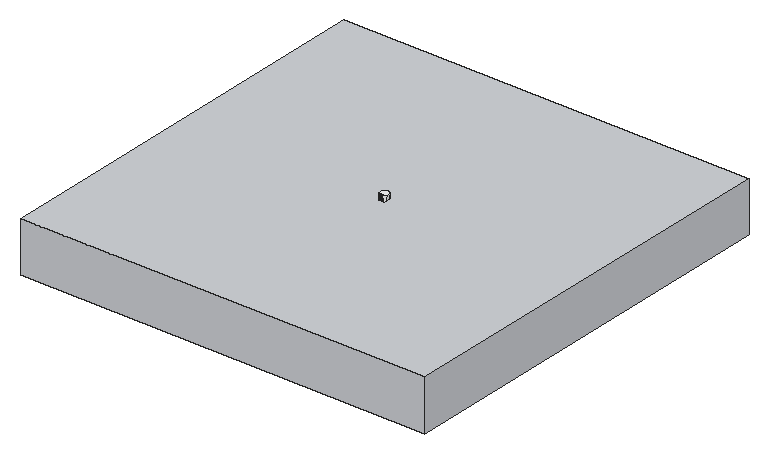
Revit family "Gira_542000", category Elektroinstallationen, Revit 2017
Family settings
  Basisbauteil = Fläche
  Beschriftungsausrichtung beibehalten = Nein
  Bemaßung runder Anschluss = Durchmesser verwenden
  Teiletyp = Normal
  Beim Laden mit Abzugskörper schneiden = Nein
  Gemeinsam genutzt = Nein
  Raumberechnungspunkt = Nein
Parameters
  With LED indication = no
  Default Elevation = 1219.2 mm
  Voltage [Volt] = "[230:230]"
  URL = "https://www.gira.de/"
  Typname = "WL dimm.act. 1-g Mini 20 - 250 VA Gira eNet"
  Type of load = "Universal"
  Suitable for C-load = no
  Substation input = no
  Productwebsite = "http://katalog.gira.de/en/datenblatt.html?artikelnr=542000"
  Power boost suitable = no
  Parallel-service possible = no
  Output power [Voltampere] = "[250:250]"
  Other bus systems = "None"
  Number of outputs = 1
  Mounting method = "Flush mounted (plaster)"
  Modular expandability = no
  Model = "Dimming actuator"
  Max. number of switching contacts = 1
  Local operation/hand operation = no
  Hersteller = "Gira"
  HAN = "542000"
  GTIN = "4010337774143"
  Different phases connectable = no
  Degree of protection (IP) = "IP20"
  Data sheet = "https://katalog.gira.de/en/download.html?artikelnr=542000"
  Bus system radio frequent = yes
  Bus system Powernet = no
  Bus system LON = no
  Bus system KNX radio = no
  Bus system KNX = no
  Bus connection included = no
  Beschreibung = "WL dimm.act.1g Mini eNet,eNet wireless dimming actuator, 1-gang Mini,20 - 250 W VA,,Features:,Can be set with eNet server::,- Fully encrypted wireless transmission (AES CCM) from eNet Server software version 2.0.,- Operation locks.,- Device software update.,- The eNet wireless dimming actuator enables switching and dimming of various electrical loads.,- Switching and dimming light bulbs, HV halogen lamps, electronic transformers for halogen or LED lamps, dimmable inductive transformers for halogen or LED lamps, HV LED or compact fluorescent lamps.,- Bulb-saving switch-on.,- Switch-on and minimum brightness can be saved for each output.,- Scene operation.,- Status display with LED.,- Status feedback to eNet wireless sensors.,- Short-circuit and excess-temperature protection.,- Automatic or manual setting of dimming process.,Can be set with eNet server::,- Maximum brightness.,- Dimming process.,- Dimming speed.,- Delay time.,- Switch-on off delay.,- Dimming ramp up down.,- Switch-off pre-warning.,- Permanent-on, permanent-off.,- Hotel function.,- Light control.,- Repeater function.,- Localisation of the device.,,Notes :,- Installation in device box, surface-mounted housing, or in an installation adapter."
  BIM = "https://media.stage.bim.site/public/gira/ad86d9f/Aktor.rfa"
Reference planes
  plane 1 "Center (Front/Back)": y = 0
  plane 2: z = 0
  plane 3 "Center (Left/Right)": x = 0
Forms (mm)
  Extrusion 1, solid
    sketch origin (0, 0, 0) x (1, 0, 0) y (0, 1, 0)
      loop
        line (-1219.2, 1219.2) -> (-1219.2, -1219.2) -> (1219.2, -1219.2) -> (1219.2, 1219.2) -> (-1219.2, 1219.2)
    from 0 to -304.8
  Extrusion 2, solid, material "White", detail levels fine
    sketch origin (0, 0, 0) x (1, 0, 0) y (0, 1, 0)
      loop
        arc (23.95, 11.047) -> (0, 26.375) -> (-23.95, 11.047) r 26.375
        line (-23.95, 11.047) -> (-23.95, -11.047)
        arc (-23.95, -11.047) -> (-18.774, -18.525) -> (-11.367, -23.8) r 26.375
        line (-11.367, -23.8) -> (11.367, -23.8)
        arc (11.367, -23.8) -> (18.774, -18.525) -> (23.95, -11.047) r 26.375
        line (23.95, -11.047) -> (23.95, 11.047)
    from 0 to 27.7
  Extrusion 3, void, detail levels fine
    sketch origin (0, 0, 0) x (1, 0, 0) y (0, 1, 0)
      loop
        circle (-10, -18.75) r 2.275
      loop
        circle (-3.75, -18.75) r 2.275
      loop
        circle (3.75, -18.75) r 2.275
      loop
        circle (10, -18.75) r 2.275
    from 0 to 27.7
  Extrusion 4, void, detail levels fine
    sketch origin (0, 0, 0) x (1, 0, 0) y (0, 0, 1)
      loop
        line (-7.5, 26.2) -> (-11.367, 26.2) -> (-12.525, 26.2) -> (-12.525, 23.7) -> (-11.367, 23.7) -> (-7.5, 23.7) -> (-7.5, 26.2)
      loop
        line (-1.2, 26.2) -> (-6.275, 26.2) -> (-6.275, 23.7) -> (-1.2, 23.7) -> (-1.2, 26.2)
      loop
        line (1.2, 26.2) -> (1.2, 23.7) -> (6.25, 23.7) -> (6.25, 26.2) -> (1.2, 26.2)
      loop
        line (7.475, 26.2) -> (7.475, 23.7) -> (11.367, 23.7) -> (12.525, 23.7) -> (12.525, 26.2) -> (11.367, 26.2) -> (7.475, 26.2)
      loop
        line (-12, 16.6) -> (-12, 12.1) -> (-8, 12.1) -> (-8, 16.6) -> (-12, 16.6)
      loop
        line (12, 12.1) -> (12, 16.6) -> (8, 16.6) -> (8, 12.1) -> (12, 12.1)
      loop
        line (5.75, 16.6) -> (1.75, 16.6) -> (1.75, 12.1) -> (5.75, 12.1) -> (5.75, 16.6)
      loop
        line (-5.75, 16.6) -> (-5.75, 12.1) -> (-1.75, 12.1) -> (-1.75, 16.6) -> (-5.75, 16.6)
    from 21.939 to 23.8
  Extrusion 5, void, detail levels fine
    sketch origin (0, 0, 0) x (1, 0, 0) y (0, 0, 1)
      loop
        line (-2, 3.5) -> (2, 3.5) -> (2, 4.762) -> (-2, 4.762) -> (-2, 3.5)
    from 21.939 to 23.8
  Extrusion 6, void, detail levels fine
    sketch origin (-1.72, -1.495, 0) x (0.438371, -0.898794, 0) y (0, 0, 1)
      loop
        line (-1.156, 3.5) -> (2.949, 3.5) -> (2.949, 4.762) -> (-1.156, 4.762) -> (-1.156, 3.5)
    from 21.939 to 24.428
  Extrusion 7, void, detail levels fine
    sketch origin (1.72, -1.495, 0) x (-0.438371, -0.898794, 0) y (0, 0, -1)
      loop
        line (-1.156, -3.5) -> (-1.156, -4.762) -> (2.949, -4.762) -> (2.949, -3.5) -> (-1.156, -3.5)
    from 21.939 to 24.428
  Extrusion 8, void, detail levels fine
    sketch origin (-1.72, 1.495, 0) x (0.438371, 0.898794, 0) y (0, 0, -1)
      loop
        line (-1.156, -3.5) -> (-1.156, -4.762) -> (2.949, -4.762) -> (2.949, -3.5) -> (-1.156, -3.5)
    from 21.939 to 24.428
  Extrusion 9, void, detail levels fine
    sketch origin (1.72, 1.495, 0) x (-0.438371, 0.898794, 0) y (0, 0, 1)
      loop
        line (-1.156, 3.5) -> (2.949, 3.5) -> (2.949, 4.762) -> (-1.156, 4.762) -> (-1.156, 3.5)
    from 21.939 to 24.428
  Extrusion 10, solid, material "White", detail levels medium
    sketch origin (0, 0, 0) x (1, 0, 0) y (0, 1, 0)
      loop
        arc (23.95, 11.047) -> (0, 26.375) -> (-23.95, 11.047) r 26.375
        line (-23.95, 11.047) -> (-23.95, -11.047)
        arc (-23.95, -11.047) -> (-18.774, -18.525) -> (-11.367, -23.8) r 26.375
        line (-11.367, -23.8) -> (11.367, -23.8)
        arc (11.367, -23.8) -> (18.774, -18.525) -> (23.95, -11.047) r 26.375
        line (23.95, -11.047) -> (23.95, 11.047)
    from 0 to 27.7
  Extrusion 11, solid, material "White", detail levels coarse
    sketch origin (0, 0, 0) x (1, 0, 0) y (0, 1, 0)
      loop
        line (-23.95, 26.375) -> (-23.95, -23.8) -> (23.95, -23.8) -> (23.95, 26.375) -> (-23.95, 26.375)
    from 0 to 27.7
Cuts and joins
  Extrusion 3, Extrusion 4, Extrusion 5, Extrusion 6, Extrusion 7, Extrusion 8, Extrusion 9 cuts Extrusion 2
Dimensions and locks
  aligned and locked: plane 2 to Extrusion 1
  aligned and locked: level to Extrusion 1
